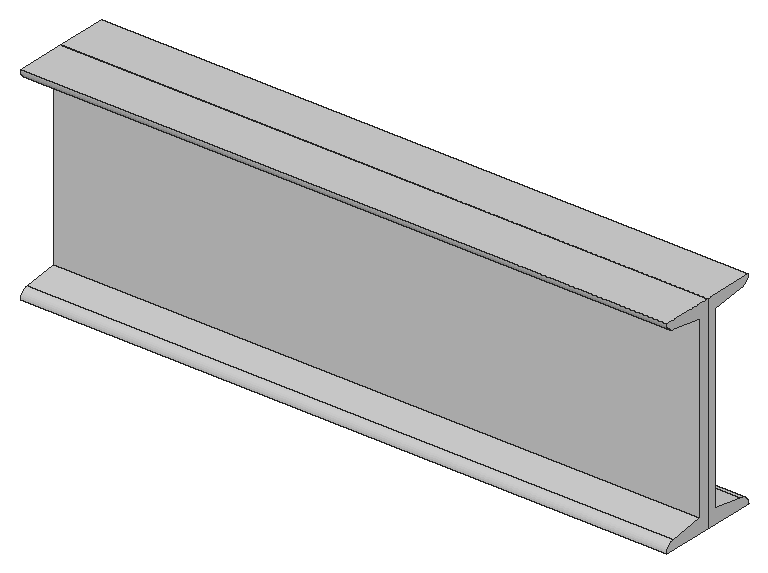
Revit family "5881b66952574127bf7e4cedc3fe9199", category Structural Framing, Revit 2019
Family settings
  Structural Framing Length Roundoff = 0' - 0"
  Section Shape = Not Defined
  Material for Model Behavior = Steel
  Always export as geometry = No
  OmniClass Number = 23.25.30.11.14.14
  OmniClass Title = Beams
  Seek Item ID = Double C-Channel-0000-USA-ENU
  Always vertical = Yes
  Cut with Voids When Loaded = No
  Symbolic Representation = From Project Settings
  Shared = No
  Show family pre-cut in plan views = Yes
Parameters (values of type "2C15X50")
  W = 100
  Structural Material [instance] = Steel ASTM A36
  Assembly Code = "B10"
  Length [instance] = 5' - 0"
  Space = 0' - 0"
  bf = 0' - 3 183/256"
  d = 1' - 3"
  tf = 0' - 0 83/128"
  tw = 0' - 0 183/256"
  A = 29.40 in²
Reference planes (in)
  plane 1 "Center (Front/Back)": y = 0
  plane 2: z = 0
  plane 3 "Center (Left/Right)": x = 0.1815
  plane 4 "Member Left": x = -27.8185
  plane 5 "Member Right": x = 19.1815
  plane 6: y = 3.71484
  plane 7: y = -3.71484
  plane 8: z = -7.5
  plane 9: y = 0
  plane 10: y = 0
  plane 11 "Left": x = -34.3185
  plane 12 "Right": x = 25.6815
  plane 13: z = 7.5
Forms (in)
  Sweep 1, solid, material "Steel ASTM A36" <- "Structural Material", detail levels fine
    path origin (0, 0, 0) x (1, 0, 0) y (0, 1, 0)
      loop
        line (19.1815, 0) -> (-27.8185, 0)
    profile "Double C-Channel-Profile-Fine : Double C-Channel-Profile-Fine" origin (-4.3185, 0, 0) x (0, -1, 0) y (0, 0, 1)
      loop
        line (0, -7.5) -> (3.71484, -7.5)
        arc (3.71484, -7.5) -> (3.52492, -7.04149) -> (3.06641, -6.85156) r 0.64844
        line (3.06641, -6.85156) -> (0.71484, -6.47911) -> (0.71484, 6.47911) -> (3.06641, 6.85156)
        arc (3.06641, 6.85156) -> (3.52492, 7.04149) -> (3.71484, 7.5) r 0.64844
        line (3.71484, 7.5) -> (0, 7.5) -> (0, -7.5)
  Sweep 2, solid, material "Steel ASTM A36" <- "Structural Material", detail levels medium
    path origin (0, 0, 0) x (1, 0, 0) y (0, 1, 0)
      loop
        line (19.1815, 0) -> (-27.8185, 0)
    profile "Double C-Channel-Profile-Medium : Double C-Channel-Profile-Medium" origin (-4.3185, 0, 0) x (0, -1, 0) y (0, 0, 1)
      loop
        line (0, -7.5) -> (0, 7.5) -> (-3.71484, 7.5) -> (-3.71484, 6.85156) -> (-0.71484, 6.37641) -> (-0.71484, -6.37641) -> (-3.71484, -6.85156) -> (-3.71484, -7.5) -> (0, -7.5)
  Sweep 3, solid, material "Steel ASTM A36" <- "Structural Material", detail levels fine
    path origin (0, 0, 0) x (1, 0, 0) y (0, -1, 0)
      loop
        line (19.1815, 0) -> (-27.8185, 0)
    profile "Double C-Channel-Profile-Fine : Double C-Channel-Profile-Fine" origin (-4.3185, 0, 0) x (0, -1, 0) y (0, 0, 1)
      loop
        line (0, -7.5) -> (0, 7.5) -> (-3.71484, 7.5)
        arc (-3.71484, 7.5) -> (-3.52492, 7.04149) -> (-3.06641, 6.85156) r 0.64844
        line (-3.06641, 6.85156) -> (-0.71484, 6.47911) -> (-0.71484, -6.47911) -> (-3.06641, -6.85156)
        arc (-3.06641, -6.85156) -> (-3.52492, -7.04149) -> (-3.71484, -7.5) r 0.64844
        line (-3.71484, -7.5) -> (0, -7.5)
  Sweep 4, solid, material "Steel ASTM A36" <- "Structural Material", detail levels medium
    path origin (0, 0, 0) x (1, 0, 0) y (0, -1, 0)
      loop
        line (19.1815, 0) -> (-27.8185, 0)
    profile "Double C-Channel-Profile-Medium : Double C-Channel-Profile-Medium" origin (-4.3185, 0, 0) x (0, -1, 0) y (0, 0, 1)
      loop
        line (0, -7.5) -> (3.71484, -7.5) -> (3.71484, -6.85156) -> (0.71484, -6.37641) -> (0.71484, 6.37641) -> (3.71484, 6.85156) -> (3.71484, 7.5) -> (0, 7.5) -> (0, -7.5)
Lines and regions (in)
  symbolic lines, style "Hidden Faces", detail levels medium+fine
    curve 1: line (-27.8185, 0.71484, 0) -> (19.1815, 0.71484, 0)
    curve 2: line (-27.8185, -0.71484, 0) -> (19.1815, -0.71484, 0)
  symbolic lines, style "Stick Symbols", detail levels coarse
    curve 3: line (0.1815, 3.71484, 7.5) -> (0.1815, 0, 7.5)
    curve 4: line (0.1815, 0, 7.5) -> (0.1815, 0, -7.5)
    curve 5: line (0.1815, 0, -7.5) -> (0.1815, 3.71484, -7.5)
    curve 6: line (0.1815, -3.71484, 7.5) -> (0.1815, 0, 7.5)
    curve 7: line (0.1815, 0, 7.5) -> (0.1815, 0, -7.5)
    curve 8: line (0.1815, 0, -7.5) -> (0.1815, -3.71484, -7.5)
Dimensions and locks (in)
  equal spacing: plane 9, plane 1 "Center (Front/Back)", plane 10
  "bf": plane 10 to plane 7
  "bf": plane 6 to plane 9
  "Space": plane 9 to plane 10
  "Length": plane 11 "Left" to plane 12 "Right"
  equal spacing: plane 13, level, plane 8
  "d": plane 13 to plane 8
  "tw": curve 2 to plane 10
  "tw": plane 9 to curve 1
  aligned and locked: Sweep 1 sketch curve to plane 1 "Center (Front/Back)"
  aligned and locked: Sweep 2 sketch curve to plane 1 "Center (Front/Back)"
  aligned and locked: plane 2 to level
  aligned and locked: plane 13 to Sweep 2
  aligned and locked: plane 8 to Sweep 2
  aligned and locked: plane 6 to Sweep 2  (x4)
  aligned and locked: Sweep 2 to plane 9
  aligned and locked: plane 4 "Member Left" to Sweep 3 sketch curve
  aligned and locked: plane 5 "Member Right" to Sweep 3 sketch curve
  aligned and locked: plane 4 "Member Left" to Sweep 2 sketch curve
  aligned and locked: plane 5 "Member Right" to Sweep 2 sketch curve
  aligned and locked: plane 4 "Member Left" to Sweep 4 sketch curve
  aligned and locked: plane 5 "Member Right" to Sweep 4 sketch curve
  aligned and locked: plane 4 "Member Left" to Sweep 1 sketch curve
  aligned and locked: plane 5 "Member Right" to Sweep 1 sketch curve
  aligned and locked: plane 4 "Member Left" to curve 1
  aligned and locked: plane 4 "Member Left" to curve 2
  aligned and locked: plane 5 "Member Right" to curve 2
  aligned and locked: plane 5 "Member Right" to curve 1
  aligned and locked: plane 13 to curve 6
  aligned and locked: plane 7 to curve 8
  aligned and locked: plane 7 to curve 6
  aligned and locked: plane 6 to curve 3
  aligned and locked: curve 3 to plane 13
  aligned and locked: plane 9 to curve 4
  aligned and locked: curve 5 to plane 8
  aligned and locked: plane 6 to curve 5
Automatic sketch dimensions
  Sweep 3 sketch curve to plane 1 "Center (Front/Back)" = 0' - 0"
  Sweep 4 sketch curve to plane 1 "Center (Front/Back)" = 0' - 0"
